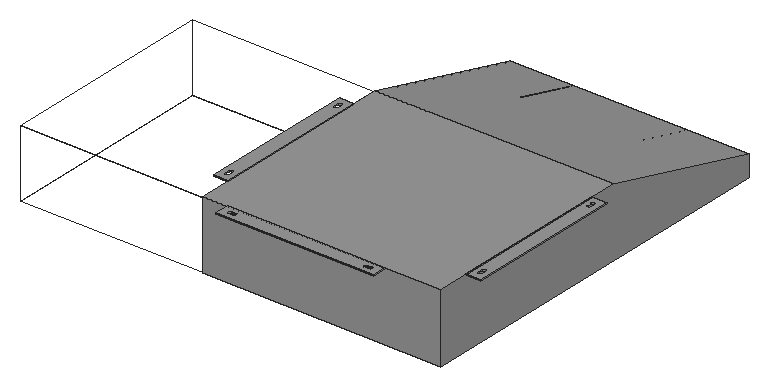
Revit family "SVTC15-50", category Mechanical Equipment, Revit 2013
Parameters (values of type "SVTC-15")
  Width = 790 mm
  Weight = 130.00 kg
  Voltage = if(Electrical Phase = 3, 400 V, 230 V)  # 400 V
  Unit Description = "Car Park Impulse Fan"
  Revit Family Last Revised = ""
  Starting Current = 5.8 A
  Quote/Order Location Reference [instance] = ""
  Number of Motor Poles = 4
  Number of Connection Poles = 3
  Nuaire Quote/Order Reference [instance] = ""
  Nuaire Model Code = "SVCT-15"
  Nominal Motor Speed (rpm) = 1435
  Nominal Motor Rating = 1500 W
  Manufacturer Name = "Nuaire"  # constant formula
  Length = 1265 mm
  Show Access Clearance [instance] = yes
  Model Drawn by = "Michael Grote"  # constant formula
  I&M Manual = "http://www.nuaire.info/iandm/671401.pdf"
  Height = 227 mm
  Full Load Current = 3.3 A
  URL = "http://www.nuaire.co.uk"
  Warranty Period = "3 Years"
  Weatherproof or Internal Only = "Internal"
  Manufacturer = Manufacturer Name  # "Nuaire"
  Electrical Phase = 3
  Description = Unit Description  # "Car Park Impulse Fan"
  Catalogue Pages = "http://www.nuaire.info/catalogue/SmokeFans-SVT.pdf"
  Apparent Load = Voltage * Full Load Current  # 1320 VA
  Air Flow [instance] = 1680.0 L/s
  Address = "Western Industrial Estate, Caerphilly, UK"  # constant formula
  Postcode = "CF83 1NA"  # constant formula
  Telephone Number = "+44(0)2920-858-200"  # constant formula
  Fax Number = "+44(0)2920-858-222"  # constant formula
  Email Address = "info@nuaire.co.uk"  # constant formula
  VAT Registration Number = "877308"  # constant formula
  Model = Nuaire Model Code  # "SVCT-15"
Types (4, lengths in mm): name | Weight | Revit Family Last Revised | Starting Current | Number of Motor Poles | Number of Connection Poles | Nuaire Model Code | Nominal Motor Speed (rpm) | Nominal Motor Rating | Full Load Current | Apparent Load | Air Flow | Model
  SVTC-15 | 130.00 kg | "" | 5.8 A | 4 | 3 | "SVCT-15" | 1435 | 1500 W | 3.3 A | 1320 VA | 1680.0 L/s | "SVCT-15"
  SVTC-15T6 | 130.00 kg | "" | 7.4 A | 6 | 1 | "SVCT-15T6" | 1425 | 1500 W | 3.6 A | 1440 VA | 1680.0 L/s | "SVCT-15T6"
  SVTC-15T8 | 130.00 kg | "05/10/16" | 5.2 A | 8 | 1 | "SVCT-15T8" | 1430 | 1500 W | 3.75 A | 1500 VA | 1680.0 L/s | "SVCT-15T8"
  SVTC-50 | 100.00 kg | "" | 2.92 A | 4 | 1 | "SVCT-50" | 1435 | 1100 W | 16.35 A | 6540 VA | 1700.0 L/s | "SVCT-50"
Reference planes
  plane 1 "Center (Front/Back)": y = 0
  plane 2: z = 0
  plane 3 "Center (Left/Right)": x = 0
Dimensions and locks
  aligned and locked: level to plane 2
Nested families
  nested 1: "SVTC5015" at (182.659, 537.95, 0) x (-1, 0, 0) z (0, 0, -1), type "SVTC15-50"
Connectors
  electrical at (-445.041, -25.997, -136.1), driven by "Voltage", driven by "Apparent Load", driven by "Number of Connection Poles"
    settings: on nested 1, index 1, voltage 400 V, apparent load 1320 VA, apparent load phase1 0 VA, apparent load phase2 0 VA, apparent load phase3 0 VA, power factor 1, load classification "Other", number of poles 3, system type 30, power factor state 1, is connector primary yes, connector utility no, sub classification motor no, connector description "Power Supply"
Definition of nested family "SVTC5015"
  Parameters (values of type "SVTC15-50")
    Nuaire Quote/Order Reference = ""
    Quote/Order Location Reference = ""
    Length = 1900.6 mm
    Width = 1150 mm
    Height = 282 mm
    Show Access Clearance = yes
    Nuaire Model Code = "SVCT-50T8"
    Weight = 195.00 kg
    Model Drawn by = "Michael Grote"  # constant formula
    URL = "http://www.nuaire.co.uk"
    Unit Description = "Car Park Impulse Fan"
    Warranty Period = "3 Years"
    Weatherproof or Internal Only = "Internal"
    Manufacturer = Manufacturer Name  # "Nuaire Group"
    Catalogue Pages = "http://www.nuaire.info/catalogue/SmokeFans-SVT.pdf"
    I&M Manual = "http://www.nuaire.info/iandm/671401.pdf"
    Description = Unit Description  # "Car Park Impulse Fan"
    Manufacturer Name = "Nuaire Group"  # constant formula
    Address = "Western Industrial Estate, Caerphilly, UK"  # constant formula
    Postcode = "CF83 1NA"  # constant formula
    Telephone Number = "+44(0)2920-858-200"  # constant formula
    Fax Number = "+44(0)2920-858-222"  # constant formula
    Email Address = "info@nuaire.co.uk"  # constant formula
    VAT Registration Number = "877308"  # constant formula
    Model = Nuaire Model Code  # "SVCT-100/16"
  Reference planes
    plane 1 "Center (Front/Back)": y = 0
    plane 2: z = 0
    plane 3: x = 233.72
    plane 4: x = 233.72
  Forms (mm)
    Extrusion 1, solid, material "Aluzinc"
      sketch origin (0, 0, 0) x (0, 1, 0) y (0, 0, 1)
        loop
          line (314.7, 226) -> (-950.3, 226) -> (-950.3, 0) -> (-240.044, 0) -> (314.7, 155.514) -> (314.7, 226)
      from -209 to 575
    Extrusion 2, void
      sketch origin (0, -635.6, -54.924) x (0, 1, 0) y (0, 0, 1)
        loop
          line (950.3, 211.528) -> (950.3, 279.5) -> (410.6, 279.5) -> (410.6, 60.21) -> (950.3, 211.528)
      from -206.682 to 572
    Extrusion 3, solid, material "Aluzinc"
      sketch origin (368, -640.3, -54.924) x (0, 1, 0) y (0, 0, 1)
        loop
          line (741.826, 151.76) -> (950.3, 210.21) -> (950.3, 279.5) -> (741.826, 279.5) -> (741.826, 151.76)
      from 0 to 2
    Extrusion 4, void
      sketch origin (0, -176.353, 0) x (1, 0, 0) y (0, 1, 0)
        loop
          circle (233.72, -380.847) r 303.5
      from 131.338 to 282
    Extrusion 5, solid, material "Aluzinc"
      sketch origin (395.97, -176.353, -56) x (1, 0, 0) y (0, 1, 0)
        loop
          circle (-162.25, -380.847) r 327.561
        loop
          circle (-162.25, -380.847) r 292.396
      from 284 to 281.992
    Revolve 6, solid, material "Aluzinc", detail levels medium+fine
      sketch origin (395.97, -556.353, -56) x (1, 0, 0) y (0, 0, 1)
        loop
          circle (-136.867, 322.77) r 1.086
        loop
          circle (-124.37, 321.435) r 1.086
        loop
          circle (-111.883, 320.1) r 1.086
        loop
          circle (-99.493, 318.951) r 1.086
        loop
          circle (-87.003, 317.554) r 1.086
        loop
          circle (-74.582, 316.437) r 1.086
        loop
          circle (-62.033, 315.133) r 1.086
        loop
          circle (-49.576, 313.871) r 1.086
        loop
          circle (-37.129, 312.559) r 1.086
        loop
          circle (-24.703, 311.345) r 1.086
        loop
          circle (-12.168, 310.009) r 1.086
        loop
          circle (0.277, 308.77) r 1.086
        loop
          circle (12.68, 307.475) r 1.086
        loop
          circle (25.216, 306.233) r 1.086
        loop
          circle (37.718, 304.964) r 1.086
        loop
          circle (50.168, 303.668) r 1.086
        loop
          circle (62.655, 302.453) r 1.086
        loop
          circle (75.114, 301.184) r 1.086
        loop
          circle (87.655, 300.05) r 1.086
        loop
          circle (100.157, 298.781) r 1.086
        loop
          circle (112.607, 297.485) r 1.086
        loop
          circle (125.094, 296.27) r 1.086
        axis (-162.25, 296.27) -> (-162.25, 322.77)
      angle from 0 to 360
    Blend 7, solid, material "Aluzinc", detail levels medium+fine
      base sketch origin (395.97, -176.353, -56) x (1, 0, 0) y (0, 0, 1)
        loop
          circle (-162.25, 288.288) r 4
      top sketch origin (395.97, 0, -56) x (1, 0, 0) y (0, 0, 1)
        loop
          circle (-162.25, 319.447) r 4
      from 74.12 to 550
    Blend 8, solid, material "Aluzinc", detail levels medium+fine
      base sketch origin (-147.127, -394.95, -56) x (0, 1, 0) y (0, 0, 1)
        loop
          circle (-162.25, 288.288) r 4
      top sketch origin (-147.127, -394.95, -56) x (0, 1, 0) y (0, 0, 1)
        loop
          circle (-162.25, 319.447) r 4
      from 73.193 to 373.621
    Blend 9, solid, material "Aluzinc", detail levels medium+fine
      base sketch origin (71.47, -938.047, -56) x (-1, 0, 0) y (0, 0, 1)
        loop
          circle (-162.25, 288.288) r 4
      top sketch origin (71.47, -938.047, -56) x (-1, 0, 0) y (0, 0, 1)
        loop
          circle (-162.25, 319.447) r 4
      from 73.669 to 373.621
    Blend 10, solid, material "Aluzinc", detail levels medium+fine
      base sketch origin (614.567, -719.45, -56) x (0, -1, 0) y (0, 0, 1)
        loop
          circle (-162.25, 288.288) r 4
      top sketch origin (614.567, -719.45, -56) x (0, -1, 0) y (0, 0, 1)
        loop
          circle (-162.25, 319.447) r 4
      from 73.206 to 373.621
    Revolve 11, solid, material "Aluzinc", detail levels medium+fine
      sketch origin (395.97, -557.2, -63.721) x (1, 0, 0) y (0, 0, 1)
        loop
          circle (-456.3, 297.322) r 4
        axis (-162.25, 297.322) -> (-162.25, 298.322)
      angle from 0 to 360
    Extrusion 12, solid, material "Aluzinc"
      sketch origin (0, 0, -35) x (1, 0, 0) y (0, 1, 0)
        loop
          line (575, -437.647) -> (575, -690.347) -> (619.8, -690.347) -> (619.8, -437.647) -> (575, -437.647)
      from 105.2 to 237
    Extrusion 13, solid, material "Aluzinc"
      sketch origin (0, 0, -35) x (1, 0, 0) y (0, 1, 0)
        loop
          line (619.8, -435.047) -> (619.8, -692.847) -> (627.7, -692.847) -> (627.7, -435.047) -> (619.8, -435.047)
      from 102.2 to 240
    Revolve 14, solid, material "Aluzinc", detail levels coarse
      sketch origin (233.72, -176.353, -56) x (0, 1, 0) y (0, 0, 1)
        loop
          line (-80.847, 284) -> (-80.847, 295.63) -> (-128.972, 300.596) -> (-354.748, 323.896) -> (-380.847, 323.896) -> (-380.847, 284) -> (-80.847, 284)
        axis (-380.847, 323.896) -> (-380.847, 284)
      angle from 0 to 360
    Extrusion 15, solid, material "Access Clearance", visible <- "Show Access Clearance"
      sketch origin (575, 0, 0) x (0, 1, 0) y (0, 0, 1)
        loop
          line (-240.044, 226) -> (-950.3, 226) -> (-950.3, 3) -> (-240.044, 3) -> (-240.044, 226)
      from 0 to 600
    Extrusion 16, solid, material "Aluzinc"
      sketch origin (-2.682, -640.3, -54.924) x (0, 1, 0) y (0, 0, -1)
        loop
          line (741.826, -151.76) -> (741.826, -279.5) -> (950.3, -279.5) -> (950.3, -210.21) -> (741.826, -151.76)
      from 0 to 2
    Extrusion 17, solid, material "Aluzinc"
      sketch origin (195.758, 102.783, 0) x (1, 0, 0) y (0, 1, 0)
        loop
          line (-221.038, -1053.083) -> (-221.038, -1100.405) -> (296.962, -1100.405) -> (296.962, -1053.083) -> (-221.038, -1053.083)
        loop
          arc (268.462, -1083.755) -> (274.812, -1077.405) -> (268.462, -1071.055) r 6.35
          line (268.462, -1071.055) -> (255.462, -1071.055)
          arc (255.462, -1071.055) -> (249.112, -1077.405) -> (255.462, -1083.755) r 6.35
          line (255.462, -1083.755) -> (268.462, -1083.755)
        loop
          arc (-192.538, -1071.055) -> (-198.888, -1077.405) -> (-192.538, -1083.755) r 6.35
          line (-192.538, -1083.755) -> (-179.538, -1083.755)
          arc (-179.538, -1083.755) -> (-173.188, -1077.405) -> (-179.538, -1071.055) r 6.35
          line (-179.538, -1071.055) -> (-192.538, -1071.055)
      from 0 to 2
    Extrusion 18, solid, material "Aluzinc"
      sketch origin (844.083, -548.887, 0) x (0, -1, 0) y (1, 0, 0)
        loop
          line (-221.038, -1053.083) -> (-221.038, -1100.405) -> (296.962, -1100.405) -> (296.962, -1053.083) -> (-221.038, -1053.083)
        loop
          arc (268.462, -1083.755) -> (274.812, -1077.405) -> (268.462, -1071.055) r 6.35
          line (268.462, -1071.055) -> (255.462, -1071.055)
          arc (255.462, -1071.055) -> (249.112, -1077.405) -> (255.462, -1083.755) r 6.35
          line (255.462, -1083.755) -> (268.462, -1083.755)
        loop
          arc (-192.538, -1071.055) -> (-198.888, -1077.405) -> (-192.538, -1083.755) r 6.35
          line (-192.538, -1083.755) -> (-179.538, -1083.755)
          arc (-179.538, -1083.755) -> (-173.188, -1077.405) -> (-179.538, -1071.055) r 6.35
          line (-179.538, -1071.055) -> (-192.538, -1071.055)
      from 0 to 2
    Extrusion 19, solid, material "Aluzinc"
      sketch origin (-478.083, -548.887, 0) x (0, -1, 0) y (1, 0, 0)
        loop
          line (-221.038, 1053.083) -> (296.962, 1053.083) -> (296.962, 1100.405) -> (-221.038, 1100.405) -> (-221.038, 1053.083)
        loop
          line (268.462, 1083.755) -> (255.462, 1083.755)
          arc (255.462, 1083.755) -> (249.112, 1077.405) -> (255.462, 1071.055) r 6.35
          line (255.462, 1071.055) -> (268.462, 1071.055)
          arc (268.462, 1071.055) -> (274.812, 1077.405) -> (268.462, 1083.755) r 6.35
        loop
          line (-192.538, 1071.055) -> (-179.538, 1071.055)
          arc (-179.538, 1071.055) -> (-173.188, 1077.405) -> (-179.538, 1083.755) r 6.35
          line (-179.538, 1083.755) -> (-192.538, 1083.755)
          arc (-192.538, 1083.755) -> (-198.888, 1077.405) -> (-192.538, 1071.055) r 6.35
      from 0 to 2
  Cuts and joins
    Extrusion 2, Extrusion 4 cuts Extrusion 1
  Dimensions and locks
    aligned and locked: level to plane 2
  Nested families
    nested 1: "label_nuaire_logo" at (188, -65.278, 48.993) x (1, 0, 0) z (0, 0.2699, -0.9629), type "label_nuaire_logo"
      with Scale Factor 929.128 mm, Actual Scale 325.195 mm
  Definition of nested family "label_nuaire_logo"
    Parameters (values of type "label_nuaire_logo")
      Scale Factor [instance] = Scale * 452  # 452 mm
      Scale = 1 mm
      Actual Scale [instance] = Scale Factor * 0.35  # 158.2 mm
    Reference planes
      plane 1 "Center (Front/Back)": y = 0
      plane 2: z = 0
      plane 3 "Center (Left/Right)": x = 0
    Lines and regions (mm)
      reference lines
        curve 1: line (79.1, -32.13, 0) -> (79.1, 30, 0)
        curve 2: line (-79.1, -32.13, 0) -> (-79.1, 30, 0)
    Dimensions and locks
      equal spacing: curve 2, plane 3 "Center (Left/Right)", curve 1
      "Actual Scale": curve 2 to curve 1
      aligned and locked: level to plane 2
    Automatic sketch dimensions
      plane 1 "Center (Front/Back)" to curve 2 = 32.13 mm
      plane 1 "Center (Front/Back)" to curve 1 = 32.13 mm
      curve 2 to plane 1 "Center (Front/Back)" = 30 mm
      curve 1 to plane 1 "Center (Front/Back)" = 30 mm
    Nested families
      nested 1: "logo_stage2" at (10, 0, 0), type "logo_stage2"
    Definition of nested family "logo_stage2"
      Parameters (values of type "logo_stage2")
        Height = 452 mm
      Reference planes
        plane 1 "Center (Front/Back)": y = 0
        plane 2: z = 0
        plane 3 "Center (Left/Right)": x = 0
      Dimensions and locks
        aligned and locked: level to plane 2
      Nested families
        nested 1: "logo_stage1" at (0, 0, 0), type "logo_stage1"
      Definition of nested family "logo_stage1"
        Parameters (values of type "logo_stage1")
          Height = 1300 mm
        Reference planes
          plane 1 "Center (Front/Back)": y = 0
          plane 2: z = 0
          plane 3 "Center (Left/Right)": x = 0
        Lines and regions (mm)
          model lines
            curve 1: arc (7.927, 29.489, 0) -> (-47.363, 58.16, 0) -> (-106.604, 77.382, 0) r 378.77
            curve 2: arc (-106.604, 77.382, 0) -> (-163.216, 86.224, 0) -> (-220.277, 81.007, 0) r 233.393
            curve 3: arc (-246.965, 20.991, 0) -> (-215.043, -15.792, 0) -> (-174.42, -42.657, 0) r 179.785
            curve 4: arc (-174.42, -42.657, 0) -> (-107.072, -70.342, 0) -> (-36.955, -89.99, 0) r 623.693
            curve 5: arc (-36.955, -89.99, 0) -> (-105.996, -69.023, 0) -> (-170.812, -37.319, 0) r 451.207
            curve 6: arc (-170.812, -37.319, 0) -> (-200.304, -16.562, 0) -> (-226.197, 8.542, 0) r 230.474
            curve 7: arc (-206.815, 72.232, 0) -> (-163.659, 78.527, 0) -> (-120.226, 74.571, 0) r 185.468
            curve 8: arc (-120.226, 74.571, 0) -> (-54.126, 57.782, 0) -> (7.927, 29.489, 0) r 381.393
            curve 9: line (-161.219, -24.259, 0) -> (-141.514, -24.259, 0)
            curve 10: line (-141.514, -24.259, 0) -> (-136.798, 0, 0)
            curve 11: arc (-136.798, 0, 0) -> (-133.437, 8.115, 0) -> (-125.322, 11.477, 0) r 11.477
            curve 12: arc (-125.322, 11.477, 0) -> (-118.479, 7.762, 0) -> (-117.869, 0, 0) r 8.158
            curve 13: line (-117.869, 0, 0) -> (-122.146, -24.259, 0)
            curve 14: line (-122.146, -24.259, 0) -> (-102.441, -24.259, 0)
            curve 15: line (-102.441, -24.259, 0) -> (-97.309, 4.849, 0)
            curve 16: arc (-97.309, 4.849, 0) -> (-99.379, 18.095, 0) -> (-110.885, 24.977, 0) r 15.794
            curve 17: arc (-110.885, 24.977, 0) -> (-122.995, 23.787, 0) -> (-133.701, 18.002, 0) r 30.821
            curve 18: line (-133.701, 18.002, 0) -> (-132.598, 24.255, 0)
            curve 19: line (-161.219, -24.259, 0) -> (-152.664, 24.255, 0)
            curve 20: line (-152.664, 24.255, 0) -> (-132.598, 24.255, 0)
            curve 21: line (-80.79, 24.255, 0) -> (-86.175, -3.448, 0)
            curve 22: arc (-86.175, -3.448, 0) -> (-83.467, -16.761, 0) -> (-72.138, -24.259, 0) r 17.751
            curve 23: arc (-72.138, -24.259, 0) -> (-59.938, -25.434, 0) -> (-47.739, -24.259, 0) r 63.934
            curve 24: arc (-47.739, -24.259, 0) -> (-34.611, -17.57, 0) -> (-27.023, -4.941, 0) r 26.727
            curve 25: line (-27.023, -4.941, 0) -> (-21.348, 24.255, 0)
            curve 26: line (-21.348, 24.255, 0) -> (-41.053, 24.255, 0)
            curve 27: line (-41.053, 24.255, 0) -> (-46.093, -1.676, 0)
            curve 28: arc (-46.093, -1.676, 0) -> (-50.186, -8.91, 0) -> (-57.808, -12.224, 0) r 13.097
            curve 29: arc (-57.808, -12.224, 0) -> (-64.693, -9.158, 0) -> (-65.742, -1.695, 0) r 7.773
            curve 30: line (-65.742, -1.695, 0) -> (-61.166, 24.255, 0)
            curve 31: line (-61.166, 24.255, 0) -> (-80.79, 24.255, 0)
            curve 32: arc (31.54, 19.236, 0) -> (16.208, 25.528, 0) -> (0, 22.075, 0) r 28.07
            curve 33: arc (0, 22.075, 0) -> (-10.88, 12.774, 0) -> (-17.338, 0, 0) r 36.434
            curve 34: arc (-17.338, 0, 0) -> (-15.613, -14.796, 0) -> (-4.047, -24.183, 0) r 19.761
            curve 35: arc (-4.047, -24.183, 0) -> (10.741, -24.948, 0) -> (24.166, -18.699, 0) r 30.688
            curve 36: line (24.166, -18.699, 0) -> (23.117, -24.098, 0)
            curve 37: line (23.117, -24.098, 0) -> (43.271, -24.098, 0)
            curve 38: line (43.271, -24.098, 0) -> (51.797, 24.255, 0)
            curve 39: line (51.797, 24.255, 0) -> (32.515, 24.255, 0)
            curve 40: line (32.515, 24.255, 0) -> (31.54, 19.236, 0)
            curve 41: arc (27.176, -3.213, 0) -> (27.314, 5.536, 0) -> (19.984, 10.314, 0) r 9.053
            curve 42: arc (19.984, 10.314, 0) -> (10.965, 8.578, 0) -> (4.044, 2.54, 0) r 17.627
            curve 43: arc (4.044, 2.54, 0) -> (3.437, -5.353, 0) -> (9.873, -9.961, 0) r 8.063
            curve 44: arc (9.873, -9.961, 0) -> (19.716, -9.642, 0) -> (27.176, -3.213, 0) r 14.789
            curve 45: line (64.987, 24.255, 0) -> (85.001, 24.255, 0)
            curve 46: line (85.001, 24.255, 0) -> (76.475, -24.098, 0)
            curve 47: line (76.475, -24.098, 0) -> (56.461, -24.098, 0)
            curve 48: line (56.461, -24.098, 0) -> (64.987, 24.255, 0)
            curve 49: line (97.733, 24.255, 0) -> (117.438, 24.255, 0)
            curve 50: line (117.438, 24.255, 0) -> (116.079, 16.546, 0)
            curve 51: arc (116.079, 16.546, 0) -> (127.306, 23.283, 0) -> (140.3, 24.886, 0) r 31.571
            curve 52: line (140.3, 24.886, 0) -> (137.316, 7.965, 0)
            curve 53: arc (137.316, 7.965, 0) -> (129.144, 9.507, 0) -> (120.972, 7.965, 0) r 22.429
            curve 54: arc (120.972, 7.965, 0) -> (114.704, 2.976, 0) -> (112.337, -4.677, 0) r 13.585
            curve 55: line (112.337, -4.677, 0) -> (108.912, -24.098, 0)
            curve 56: line (108.912, -24.098, 0) -> (89.207, -24.098, 0)
            curve 57: line (89.207, -24.098, 0) -> (97.733, 24.255, 0)
            curve 58: arc (93.618, 47.57, 0) -> (74.854, 53.038, 0) -> (55.359, 51.64, 0) r 55.33
            curve 59: arc (93.618, 47.57, 0) -> (97.282, 41.659, 0) -> (93.618, 35.747, 0) r 6.601
            curve 60: arc (93.618, 35.747, 0) -> (84.065, 32.23, 0) -> (73.978, 30.85, 0) r 47.065
            curve 61: arc (73.978, 30.85, 0) -> (80.846, 32.41, 0) -> (86.601, 36.47, 0) r 18.116
            curve 62: arc (86.601, 36.47, 0) -> (88.036, 41.905, 0) -> (84.218, 46.03, 0) r 5.836
            curve 63: arc (84.218, 46.03, 0) -> (70.224, 51.08, 0) -> (55.359, 51.64, 0) r 48.391
            curve 64: line (157.905, -2.864, 0) -> (199.286, -2.864, 0)
            curve 65: arc (199.286, -2.864, 0) -> (197.145, 14.652, 0) -> (182.34, 24.255, 0) r 20.852
            curve 66: arc (182.34, 24.255, 0) -> (165.366, 23.801, 0) -> (149.457, 17.863, 0) r 51.614
            curve 67: arc (149.457, 17.863, 0) -> (140.348, 5.451, 0) -> (139.348, -9.912, 0) r 27.469
            curve 68: arc (139.348, -9.912, 0) -> (144.958, -19.523, 0) -> (155.103, -24.098, 0) r 18.276
            curve 69: arc (155.103, -24.098, 0) -> (178.591, -23.478, 0) -> (196.981, -8.856, 0) r 37.046
            curve 70: line (196.981, -8.856, 0) -> (178.291, -8.856, 0)
            curve 71: arc (178.291, -8.856, 0) -> (168.439, -13.819, 0) -> (158.586, -8.856, 0) r 12.261
            curve 72: arc (158.586, -8.856, 0) -> (157.442, -5.951, 0) -> (157.905, -2.864, 0) r 6.023
            curve 73: line (199.286, -2.864, 0) -> (157.905, -2.864, 0)
            curve 74: line (159.772, 7.114, 0) -> (183.418, 7.114, 0)
            curve 75: arc (183.418, 7.114, 0) -> (171.595, 14.487, 0) -> (159.772, 7.114, 0) r 13.165
            curve 76: arc (-206.815, 72.232, 0) -> (-234.166, 45.761, 0) -> (-226.197, 8.542, 0) r 39.242
            curve 77: arc (-220.277, 81.007, 0) -> (-248.829, 57.762, 0) -> (-246.965, 20.991, 0) r 40.723
        Dimensions and locks
          aligned and locked: level to plane 2
